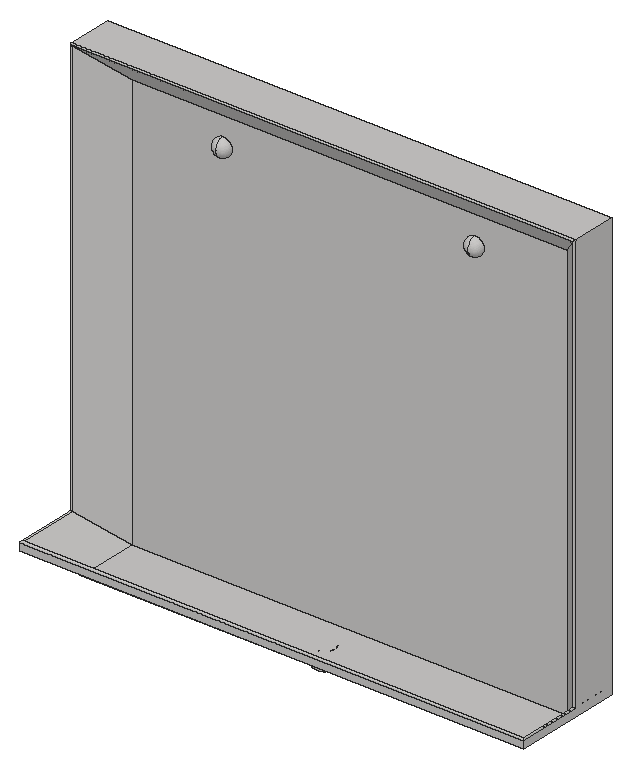
Revit family "PRD_FrankeWS_SlbUrnls_CampusFloorStandingUrinal_BS551", category Plumbing Fixtures, host Face, Revit 2018
Family settings
  Host = Face
  Round Connector Dimension = Use Diameter
  Part Type = Normal
  OmniClass Number = 23.45.05.21.11.21
  OmniClass Title = Urinals
  Cut with Voids When Loaded = No
  Shared = No
  Room Calculation Point = No
Parameters (values of type "BS551")
  WaterSupplyOverflowAndWasteHolesWaterSupply = "Back"
  WaterSupplyOverflowAndWasteHolesWaste = "Center"
  WasteSize = 40.00 mm
  WarrantyStartDate [instance] = "1900-12-31T23:59:59"
  WarrantyGuarantorParts = "n/a"
  WarrantyGuarantorLabor = "n/a"
  WarrantyDurationUnit = "year"
  WarrantyDurationParts = "n/a"
  WarrantyDurationLabor = "n/a"
  WarrantyDescription = "n/a"
  Version = "1"
  UrinalType = "Slab"
  UrinalMaterial = "Stainless steel"
  UrinalColor = "Stainless steel"
  Uniclass2015Version = "Products v1.5"
  Uniclass2015Title = "Slab urinals"
  Uniclass2015Code = "Pr_40_20_93_77"
  URL = "www.kwc.com"
  TagNumber [instance] = "n/a"
  SustainabilityPerformance = "n/a"
  SpilloverLevel = 0.00 mm
  Size = "1200 x 260 x 1076 mm"
  Shape = "Rectangular"
  SerialNumber [instance] = "n/a"
  Revision = "n/a"
  ReplacementCost = "n/a"
  ProductInformation = "https://pim.kwc.com/product/2000100031/attachment/datasheet?locale=en"
  OutletSize = "DN 40 (1 1/2 inch.)"
  NominalWidth = 1200.00 mm
  NominalLength = 1076.00 mm
  NominalDepth = 260.00 mm
  NetWeight = 30.00 kg
  Name = "CAMPUS floor standing urinal BS551"
  NBSTypeID = "n/a"
  NBSReference = "45-35-70/352"
  NBSOfficeMasterTag = "n/a"
  NBSNote = "n/a"
  NBSDescription = "Slab urinals"
  NBSCertification = "n/a"
  ModelReference = "BS551"
  ModelNumber = "2000100031"
  Model = ModelReference  # "BS551"
  MaterialsFinishAndColour = "Stainless steel, satin finished"
  MaterialsBody = "Stainless steel 1.4301"
  Material = PRD_AR_StainlessSteel_SatinFinished
  ManufacturerURL = "www.kwc.com"
  ManufacturerName = "KWC Group AG"  # constant formula
  Manufacturer = ManufacturerName  # "KWC Group AG"
  IntegralAccessories = "n/a"
  InstallationDate [instance] = "1900-12-31T23:59:59"
  InletSize = "DN 15 (1/2 inch.)"
  IfcExportType = "URINAL"
  IfcExportAs = "IfcSanitaryTerminalType"
  GrossWeight = 43.00 kg
  Grade = "n/a"
  Form = "Floor standing"
  Flow = 0.0 L/s
  Finish = "Satin finished"
  Features = "stainless steel, 1.50 mm, satin finished, wall and floor mounting, 1200x1076x260 mm (WxHxD)"
  ExpectedLife = "n/a"
  DurationUnit = "year"
  DiameterNominal = 15.00 mm
  Description = "Floor standing urinal, stainless steel, surface satin finished, material thickness 1.5 mm, back inlet button spreaders 1/2 inch. at 600 mm spacings, 1 1/2 inch. flat perforated waste. width: 1200 mm"
  Default Elevation = 0.00 mm
  CreateOn = "11/2018"  # constant formula
  Constituents = "n/a"
  CodePerformance = "n/a"
  Category = "Pr_40_20_93_77, Slab urinals"
  BarCode [instance] = "n/a"
  BIMObjectName = "PRD_AR_SlabUrinals_CampusFloorStandingUrinal_BS551"
  Author = "Archispace"  # constant formula
  AssetType = "Fixed"
  AssetIdentifier [instance] = "n/a"
  AccessibilityPerformance = "n/a"
Reference planes
  plane 1 "Center (Front/Back)": y = 0
  plane 2: z = 0
  plane 3 "Center (Left/Right)": x = 0
  plane 4: x = -600
  plane 5: x = 600
Forms (mm)
  Extrusion 1, void
    sketch origin (0, 0, 0) x (1, 0, 0) y (0, 1, 0)
      loop
        line (-600, -260) -> (600, -260) -> (600, 0) -> (-600, 0) -> (-600, -260)
    from 0 to -80
Dimensions and locks
  equal spacing: plane 4, plane 3 "Center (Left/Right)", plane 5
  "NominalWidth": plane 4 to plane 5
  aligned and locked: plane 2 to host face
  aligned and locked: level to host face
  aligned and locked: Extrusion 1 sketch curve to plane 4
  aligned and locked: plane 5 to Extrusion 1 sketch curve
  aligned and locked: Extrusion 1 sketch curve to plane 1 "Center (Front/Back)"
Automatic sketch dimensions
  host sketch curve to host sketch curve = 2438.40 mm  (x2)
  plane 1 "Center (Front/Back)" to Extrusion 1 sketch curve = 260.00 mm
Nested families
  nested 1: "BS55" at (0, 0, 0), type "BS55"
Connectors
  piping at (0, -104, -122), diameter 40, driven by "WasteSize", driven by "OutletSize"
    settings: on nested 1, index 2, connector inside diameter 609.60 mm, connector length 0.00 mm, flow factor 0, pipe flow 0.0 L/s, pressure drop 0.0 Pa, fitting loss kfactor 0, connector angle 0.00°, fixture units 0, engagement length 0.00 mm, angle of deflection 0.00°, flow configuration 2, flow direction 2, fitting loss method 0, system type 16, joint type 0, gender type 0, connector reference index -1, connector utility 0, adjustable connector no, is connector primary yes, connector description "DN 40 (1 1/2 inch.)"
  piping at (300, 0, 846), diameter 15, driven by "Flow", driven by "DiameterNominal", driven by "InletSize"
    settings: on nested 1, index 3, connector inside diameter 609.60 mm, connector length 0.00 mm, flow factor 0, pipe flow 0.0 L/s, pressure drop 0.0 Pa, fitting loss kfactor 0, connector angle 0.00°, fixture units 0, engagement length 0.00 mm, angle of deflection 0.00°, flow configuration 1, flow direction 1, fitting loss method 0, system type 20, joint type 0, gender type 0, connector reference index -1, connector utility 0, adjustable connector no, is connector primary no, connector description "DN 15 (1/2 inch.)"
  piping at (-300, 0, 846), diameter 15, driven by "Flow", driven by "DiameterNominal", driven by "InletSize"
    settings: on nested 1, index 4, connector inside diameter 609.60 mm, connector length 0.00 mm, flow factor 0, pipe flow 0.0 L/s, pressure drop 0.0 Pa, fitting loss kfactor 0, connector angle 0.00°, fixture units 0, engagement length 0.00 mm, angle of deflection 0.00°, flow configuration 1, flow direction 1, fitting loss method 0, system type 20, joint type 0, gender type 0, connector reference index -1, connector utility 0, adjustable connector no, is connector primary no, connector description "DN 15 (1/2 inch.)"
Definition of nested family "BS55"
  Parameters (values of type "BS55")
    Material = none
    Length = 1200.00 mm
  Reference planes
    plane 1 "Center (Front/Back)": y = 0
    plane 2: z = 0
    plane 3 "Center (Left/Right)": x = 0
    plane 4: x = -600
    plane 5: x = 600
    plane 6: x = -517
    plane 7: x = 517
    plane 8: z = 996
    plane 9: z = 913
    plane 10: x = -300
    plane 11: x = 300
  Forms (mm)
    Sweep 1, solid, material <- "Material", detail levels fine
      path origin (0, 0, 0) x (1, 0, 0) y (0, 0, 1)
        loop
          line (600, -80) -> (600, 996) -> (-600, 996) -> (-600, -80)
      profile origin (-600, 0, 458) x (0, -1, 0) y (1, 0, 0)
        loop
          line (0, 0) -> (107, 0)
          arc (107, 0) -> (109.773, 1.854) -> (109.118, 5.125) r 3
          line (109.118, 5.125) -> (31, 83) -> (0, 83) -> (0, 0)
    Extrusion 2, solid, material <- "Material", detail levels fine
      sketch origin (0, 0, 0) x (1, 0, 0) y (0, 0, 1)
        loop
          line (-517, 913) -> (-517, -80) -> (517, -80) -> (517, 913) -> (-517, 913)
      from 0 to 31
    Sweep 3, solid, material <- "Material", detail levels fine
      path origin (0, 0, 0) x (1, 0, 0) y (0, 1, 0)
        loop
          line (-600, 0) -> (-600, -260) -> (600, -260) -> (600, 0)
      profile origin (-600, -130, 0) x (1, 0, 0) y (0, 0, 1)
        loop
          arc (5.118, -0.875) -> (1.85, -0.229) -> (0, -3) r 3
          line (0, -3) -> (0, -20) -> (22.181, -20) -> (82.38, -80) -> (88, -80) -> (88, -78.5) -> (83, -78.5) -> (5.118, -0.875)
    Extrusion 4, solid, material <- "Material", detail levels fine
      sketch origin (0, 0, 0) x (1, 0, 0) y (0, 1, 0)
        loop
          line (-512, -31) -> (-512, -172) -> (512, -172) -> (512, -31) -> (-512, -31)
      from -80 to -78.5
    Extrusion 5, void
      sketch origin (0, 0, 0) x (1, 0, 0) y (0, 0, 1)
        loop
          line (-600, -20) -> (-600, -80) -> (-517.62, -80) -> (-577.819, -20) -> (-600, -20)
        loop
          line (600, -20) -> (577.819, -20) -> (517.62, -80) -> (600, -80) -> (600, -20)
      from 0 to 110
    Extrusion 6, solid, material <- "Material"
      sketch origin (0, 0, 0) x (1, 0, 0) y (0, 1, 0)
        loop
          circle (0, -104) r 24
      from -80 to -122
    Blend 7, solid, material <- "Material", detail levels coarse+medium
      base sketch origin (0, 0, 0) x (1, 0, 0) y (0, 1, 0)
        loop
          line (-517.62, -177.62) -> (517.62, -177.62) -> (517.62, 0) -> (-517.62, 0) -> (-517.62, -177.62)
      top sketch origin (0, 0, 0) x (1, 0, 0) y (0, 1, 0)
        loop
          line (-577.819, -237.819) -> (577.819, -237.819) -> (577.819, 0) -> (-577.819, 0) -> (-577.819, -237.819)
      from -80 to -20
    Extrusion 8, solid, material <- "Material", detail levels coarse+medium
      sketch origin (0, 0, 0) x (1, 0, 0) y (0, 1, 0)
        loop
          line (-600, 0) -> (-600, -260) -> (600, -260) -> (600, 0) -> (-600, 0)
      from 0 to -20
    Extrusion 9, solid, material <- "Material", detail levels medium
      sketch origin (0, 0, 0) x (1, 0, 0) y (0, 1, 0)
        loop
          line (-600, 0) -> (-600, -110) -> (600, -110) -> (600, 0) -> (-600, 0)
      from 0 to 996
    Blend 10, void
      base sketch origin (0, 0, 0) x (1, 0, 0) y (0, 0, 1)
        loop
          line (-517, 913) -> (-517, 0) -> (517, 0) -> (517, 913) -> (-517, 913)
      top sketch origin (0, 0, 0) x (1, 0, 0) y (0, 0, 1)
        loop
          line (-600, 996) -> (-600, 0) -> (600, 0) -> (600, 996) -> (-600, 996)
      from 31.5 to 110
    Extrusion 11, solid, material <- "Material", detail levels coarse
      sketch origin (0, 0, 0) x (1, 0, 0) y (0, 1, 0)
        loop
          line (-600, 0) -> (-600, -110) -> (600, -110) -> (600, 0) -> (-600, 0)
      from 0 to 996
    Revolve 12, solid, material <- "Material", detail levels fine
      sketch origin (-300, 255.153, 4000) x (0, 1, 0) y (0, 0, 1)
        loop
          line (-255.153, -3154) -> (-255.153, -3144) -> (-286.153, -3144) -> (-286.153, -3133)
          arc (-286.153, -3133) -> (-301.002, -3139.151) -> (-307.153, -3154) r 21
          line (-307.153, -3154) -> (-286.153, -3154) -> (-255.153, -3154)
        axis (-307.153, -3154) -> (-255.153, -3154)
      angle from 0 to 360
    Revolve 13, solid, material <- "Material", detail levels fine
      sketch origin (300, 255.153, 4000) x (0, 1, 0) y (0, 0, 1)
        loop
          line (-255.153, -3154) -> (-255.153, -3144) -> (-286.153, -3144) -> (-286.153, -3133)
          arc (-286.153, -3133) -> (-301.002, -3139.151) -> (-307.153, -3154) r 21
          line (-307.153, -3154) -> (-286.153, -3154) -> (-255.153, -3154)
        axis (-307.153, -3154) -> (-255.153, -3154)
      angle from 0 to 360
  Cuts and joins
    Extrusion 5 cuts Sweep 1
    joined: Sweep 1, Extrusion 2, Sweep 3, Extrusion 4
    Blend 10 cuts Extrusion 9
  Dimensions and locks
    equal spacing: plane 4, plane 3 "Center (Left/Right)", plane 5
    "Length": plane 4 to plane 5
    locked: plane 6 to plane 4 at 83
    locked: plane 7 to plane 5 at 83
    locked: plane 8 to level at 996
    locked: plane 8 to plane 9 at 83
    locked: plane 4 to Blend 7 sketch curve at 22.181
    locked: Blend 7 sketch curve to plane 5 at 22.181
    locked: plane 4 to Blend 7 sketch curve at 82.38
    locked: Blend 7 sketch curve to plane 5 at 82.38
    locked: plane 10 to plane 3 "Center (Left/Right)" at 300
    locked: plane 3 "Center (Left/Right)" to plane 11 at 300
    aligned and locked: level to plane 2
    aligned and locked: Sweep 1 sketch curve to plane 4
    aligned and locked: Sweep 1 sketch curve to plane 8
    aligned and locked: plane 5 to Sweep 1 sketch curve
    aligned and locked: Sweep 1 sketch curve to plane 6
    aligned and locked: Extrusion 2 sketch curve to plane 6
    aligned and locked: plane 7 to Extrusion 2 sketch curve
    aligned and locked: Extrusion 2 sketch curve to plane 9
    aligned and locked: Sweep 3 sketch curve to plane 4
    aligned and locked: plane 5 to Sweep 3 sketch curve
    aligned and locked: Extrusion 5 sketch curve to plane 4
    aligned and locked: plane 5 to Extrusion 5 sketch curve
    aligned and locked: Extrusion 8 sketch curve to plane 4
    aligned and locked: plane 5 to Extrusion 8 sketch curve
    aligned and locked: Extrusion 8 sketch curve to cut or joined group of Sweep 1, Extrusion 2, Sweep 3, Extrusion 4, Extrusion 5
    aligned and locked: Extrusion 8 sketch curve to Blend 7
    aligned and locked: Extrusion 9 sketch curve to plane 4
    aligned and locked: plane 5 to Extrusion 9 sketch curve
    aligned and locked: Extrusion 9 sketch curve to plane 1 "Center (Front/Back)"
    aligned and locked: plane 8 to Extrusion 9
    aligned and locked: Blend 10 sketch curve to plane 6
    aligned and locked: plane 7 to Blend 10 sketch curve
    aligned and locked: Blend 10 sketch curve to plane 9
    aligned and locked: Blend 10 sketch curve to level  (x2)
    aligned and locked: Blend 10 sketch curve to plane 4
    aligned and locked: Blend 10 sketch curve to plane 8
    aligned and locked: plane 5 to Blend 10 sketch curve
    aligned and locked: Extrusion 11 sketch curve to plane 4
    aligned and locked: plane 5 to Extrusion 11 sketch curve
    aligned and locked: Extrusion 11 sketch curve to plane 1 "Center (Front/Back)"
    aligned and locked: plane 8 to Extrusion 11
  Automatic sketch dimensions
    Sweep 1 sketch curve to level = 80.00 mm  (x2)
    plane 1 "Center (Front/Back)" to Sweep 1 sketch curve = 0.00 mm
    Sweep 1 sketch curve to profile plane = 0.00 mm
    Sweep 1 sketch curve to Sweep 1 sketch curve = 31.00 mm
    Sweep 1 sketch curve to profile plane = 3.00 mm
    plane 1 "Center (Front/Back)" to Sweep 1 sketch curve = 107.00 mm
    Sweep 1 sketch curve to profile plane = 5.125 mm
    Sweep 1 sketch curve to Sweep 1 sketch curve = 0.00 mm
    Extrusion 2 sketch curve to level = 80.00 mm
    plane 1 "Center (Front/Back)" to Sweep 3 sketch curve = 0.00 mm  (x2)
    plane 1 "Center (Front/Back)" to Sweep 3 sketch curve = 260.00 mm
    profile plane to Sweep 3 sketch curve = 0.00 mm
    Sweep 3 sketch curve to Sweep 3 sketch curve = 3.00 mm
    Sweep 3 sketch curve to level = 0.875 mm
    Sweep 3 sketch curve to Sweep 3 sketch curve = 2.118 mm
    Sweep 3 sketch curve to Sweep 3 sketch curve = 22.181 mm
    Sweep 3 sketch curve to profile plane = 82.38 mm
    Sweep 3 sketch curve to Sweep 3 sketch curve = 0.62 mm
    Sweep 3 sketch curve to Sweep 3 sketch curve = 5.00 mm
    Sweep 3 sketch curve to level = 20.00 mm
    Sweep 3 sketch curve to level = 78.50 mm
    Sweep 3 sketch curve to Sweep 3 sketch curve = 1.50 mm
    plane 6 to Extrusion 4 sketch curve = 5.00 mm
    plane 7 to Extrusion 4 sketch curve = 5.00 mm
    plane 1 "Center (Front/Back)" to Extrusion 4 sketch curve = 172.00 mm
    plane 1 "Center (Front/Back)" to Extrusion 4 sketch curve = 31.00 mm
    Extrusion 5 sketch curve to Extrusion 5 sketch curve = 22.181 mm  (x2)
    Extrusion 5 sketch curve to plane 6 = 0.62 mm
    Extrusion 5 sketch curve to plane 7 = 0.62 mm
    Extrusion 5 sketch curve to level = 80.00 mm  (x2)
    Extrusion 5 sketch curve to level = 20.00 mm  (x2)
    Extrusion 6 sketch curve to plane 3 "Center (Left/Right)" = 0.00 mm
    plane 1 "Center (Front/Back)" to Extrusion 6 sketch curve = 104.00 mm
    plane 1 "Center (Front/Back)" to Blend 7 sketch curve = 0.00 mm  (x2)
    plane 1 "Center (Front/Back)" to Blend 7 sketch curve = 177.62 mm
    plane 1 "Center (Front/Back)" to Blend 7 sketch curve = 237.819 mm
    plane 1 "Center (Front/Back)" to Extrusion 9 sketch curve = 110.00 mm
    plane 1 "Center (Front/Back)" to Extrusion 11 sketch curve = 110.00 mm
    Revolve 12 sketch curve to plane 1 "Center (Front/Back)" = 0.00 mm  (x2)
    plane 1 "Center (Front/Back)" to Revolve 12 sketch curve = 31.00 mm
    Revolve 12 sketch curve to Revolve 12 sketch curve = 0.00 mm  (x3)
    Revolve 12 sketch curve to Revolve 12 sketch curve = 21.00 mm
    Revolve 12 sketch curve to plane 9 = 67.00 mm
    Revolve 12 sketch curve to Revolve 12 sketch curve = 10.00 mm
    Revolve 12 sketch curve to Revolve 12 sketch curve = 19.756 mm
    Revolve 13 sketch curve to plane 1 "Center (Front/Back)" = 0.00 mm  (x2)
    Revolve 13 sketch curve to Revolve 13 sketch curve = 31.00 mm
    Revolve 13 sketch curve to Revolve 13 sketch curve = 0.00 mm  (x3)
    Revolve 13 sketch curve to Revolve 13 sketch curve = 21.00 mm
    plane 9 to Revolve 13 sketch curve = 67.00 mm
    Revolve 13 sketch curve to Revolve 13 sketch curve = 10.00 mm
    plane 1 "Center (Front/Back)" to Revolve 13 sketch curve = 19.756 mm
    radius of Extrusion 6 sketch curve = 24.00 mm
